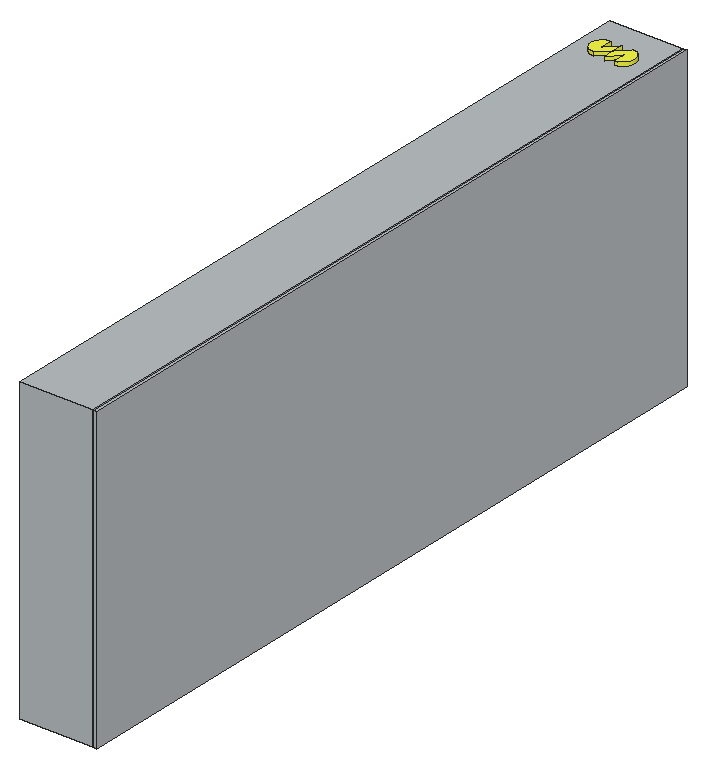
Revit family "NLRS_57_DUF_UN_instortkanaal-rechthoekig-einddeksel_LT_velu", category Duct Fittings, Revit 2020
Family settings
  Round Connector Dimension = Use Diameter
  Part Type = Cap
  Work Plane-Based = No
  Always vertical = Yes
  Cut with Voids When Loaded = No
  Shared = No
Parameters (values of type "VIK Einddeksel rechthoekig")
  VELU_c01_hoogte [instance] = if(NLRS_M_c01_hoogte > 70.00 mm, 80.00 mm, 70.00 mm)  # 80.00 mm
  VELU_c01_breedte [instance] = if(VELU_c01_hoogte = 70.00 mm, 170.00 mm, if(NLRS_M_c01_breedte > 220.00 mm, 250.00 mm, if(NLRS_M_c01_breedte > 200.00 mm, 220.00 mm, if(NLRS_M_c01_breedte > 170.00 mm, 200.00 mm, 170.00 mm))))  # 200.00 mm
  VELU_Werkendelengte [instance] = 0.00 mm  # constant formula
  VELU_Show_Warning [instance] = not(VELU_Correcte_Maatvoering)  # no
  VELU_Model [instance] = size_lookup(VELU_Article_Data, "Model", "Ongeldig", VELU_c01_breedte, VELU_c01_hoogte)  # "VIK Einddeksel 200 x 80"
  VELU_Koppelbus_Li1 [instance] = 20.00 mm  # constant formula
  VELU_Gewicht [instance] = size_lookup(VELU_Article_Data, "kg", 0, VELU_c01_breedte) * 1.00 kg / 100  # 0.10 kg
  VELU_Foutmelding [instance] = if(VELU_Show_Warning, "Ongeldige (instort) maatvoering!", " ")  # " "
  VELU_Correcte_Maatvoering [instance] = and(VELU_c01_breedte = NLRS_M_c01_breedte, VELU_c01_hoogte = NLRS_M_c01_hoogte)  # yes
  VELU_Bim-site = "https://velu.nl/bim/"
  VELU_Artikel_code [instance] = size_lookup(VELU_Article_Data, "", "Ongeldig", VELU_c01_breedte, VELU_c01_hoogte)  # "5110000048"
  VELU_Article_Data = "Deksel"  # constant formula
  built-in parameter 1114242 [instance] = 1 = 0  # (empty or 0)
  URL = "https://webshop.velu.nl/overige-woningbouw-componenten/"
  Type Comments = "Enkel geschikt voor VELU instort kanaal maten"  # constant formula
  NLRS_M_c01_hoogte [instance] = 80.00 mm
  NLRS_M_c01_breedte [instance] = 200.00 mm
  NLRS_C_model [instance] = VELU_Model  # "VIK Einddeksel 200 x 80"
  NLRS_C_description = Description  # "VELU instort kanaal: Rechthoekig einddeksel"
  NLRS_C_content_versie = "3.20.01"  # constant formula
  NLRS_C_content_provider = "Velu Klimaattechnische Groothandel"  # constant formula
  NLRS_C_content_datum_gewijzigd = "19-01-2023"  # constant formula
  NLRS_C_content_creator = "J. Feeke"  # constant formula
  Model = "VIK eindeksel rechthoekig"  # constant formula
  Manufacturer = "Velu Klimaattechnische Groothandel"  # constant formula
  Description = "VELU instort kanaal: Rechthoekig einddeksel"  # constant formula
  Default Elevation = 0.00 mm
  Assembly Code = "57.00"
Reference planes
  plane 1 "Center (Front/Back)": y = 0
  plane 2: z = 0
  plane 3 "Center (Left/Right)": x = 0
  plane 4: y = 100
  plane 5: y = -100
  plane 6: y = 101.5
  plane 7: y = -101.5
  plane 8: z = 40
  plane 9: z = -40
  plane 10: z = 41.5
  plane 11: z = -41.5
  plane 12 "Left": x = -20
  plane 13: z = 40
  plane 14: z = -40
  plane 15: z = 41.5
  plane 16: z = -41.5
  plane 17: y = -1000
Forms (mm)
  Extrusion 1, solid, material "VELU_Label", not visible
    sketch origin (-547.644, -297.937, 0) x (1, 0, 0) y (0, 1, 0)
      loop
        arc (546.644, 298.937) -> (545.644, 297.937) -> (546.644, 296.937) r 1
        line (546.644, 296.937) -> (546.644, 297.937) -> (547.644, 296.937) -> (547.644, 297.937) -> (546.644, 298.937)
    from 0 to 1
  Extrusion 2, solid, material "VELU_Label", not visible
    sketch origin (0, 0, 0) x (1, 0, 0) y (0, 1, 0)
      loop
        arc (1, -1) -> (2, 0) -> (1, 1) r 1
        line (1, 1) -> (1, 0) -> (0, 1) -> (0, 0) -> (1, -1)
    from 0 to 1
  Extrusion 3, solid, material "NLRS_57_sendzimir verzinkt_gen_sacs", detail levels medium+fine
    sketch origin (0, 0, 0) x (0, 1, 0) y (0, 0, 1)
      loop
        line (101.5, 41.5) -> (-101.5, 41.5) -> (-101.5, -41.5) -> (101.5, -41.5) -> (101.5, 41.5)
    from 0 to 1
  Sweep 4, solid, material "NLRS_57_sendzimir verzinkt_gen_sacs", detail levels medium+fine
    path in 3D
      loop
        line (0, 101.5, 41.5) -> (0, 101.5, -41.5) -> (0, -101.5, -41.5) -> (0, -101.5, 41.5) -> (0, 101.5, 41.5)
    profile "mof : mof" origin (0, 0, 41.5) x (-1, 0, 0) y (0, 0, 1)
      loop
        line (0, 0) -> (0, -1.5) -> (20, -1.5) -> (20, 0) -> (0, 0)
Lines and regions (mm)
  sketch lines
    curve 1: line (0, -101.5, 41.5) -> (0, 101.5, 41.5)
    curve 2: line (0, -101.5, -41.5) -> (0, -101.5, 41.5)
    curve 3: line (0, 101.5, -41.5) -> (0, -101.5, -41.5)
    curve 4: line (0, 101.5, 41.5) -> (0, 101.5, -41.5)
Dimensions and locks
  equal spacing: plane 4, plane 1 "Center (Front/Back)", plane 5
  "VELU_c01_breedte": plane 4 to plane 5
  locked: plane 6 to plane 4 at 1.5
  locked: plane 5 to plane 7 at 1.5
  "VELU_c01_hoogte": plane 8 to plane 9
  locked: plane 9 to plane 11 at 1.5
  locked: plane 10 to plane 8 at 1.5
  locked: plane 6 to nested 2 at 11.5
  locked: plane 12 "Left" to nested 2 at 10
  locked: plane 6 to nested 1 at 11.5
  locked: plane 12 "Left" to nested 1 at 10
  "VELU_c01_hoogte": plane 13 to plane 14
  locked: plane 14 to plane 16 at 1.5
  locked: plane 15 to plane 13 at 1.5
  locked: plane 17 to plane 1 "Center (Front/Back)" at 1000
  equal spacing: plane 13, level, plane 14
  equal spacing: plane 8, level, plane 9
  "VELU_Koppelbus_Li1": plane 12 "Left" to plane 3 "Center (Left/Right)"
  equal spacing: plane 12 "Left", nested 3, plane 3 "Center (Left/Right)"
  aligned and locked: level to plane 2
  aligned and locked: nested 1 to plane 10
  aligned and locked: plane 11 to nested 2
  aligned and locked: Extrusion 3 sketch curve to plane 15
  aligned and locked: Extrusion 3 sketch curve to plane 6
  aligned and locked: plane 16 to Extrusion 3 sketch curve
  aligned and locked: plane 7 to Extrusion 3 sketch curve
Automatic sketch dimensions
  plane 1 "Center (Front/Back)" to Extrusion 1 sketch curve = 0.00 mm  (x3)
  Extrusion 1 sketch curve to plane 3 "Center (Left/Right)" = 0.00 mm
  Extrusion 1 sketch curve to plane 3 "Center (Left/Right)" = 1.00 mm
  Extrusion 1 sketch curve to Extrusion 1 sketch curve = 1.00 mm  (x2)
  plane 1 "Center (Front/Back)" to Extrusion 2 sketch curve = 0.00 mm  (x3)
  Extrusion 2 sketch curve to plane 3 "Center (Left/Right)" = 0.00 mm
  plane 3 "Center (Left/Right)" to Extrusion 2 sketch curve = 1.00 mm
  Extrusion 2 sketch curve to Extrusion 2 sketch curve = 1.00 mm
  Extrusion 2 sketch curve to Extrusion 2 sketch curve = 0.00 mm
Nested families
  nested 1: "logo_single" at (-10, 90, 41.5) x (-1, 0, 0) z (0, 0, 1), type "logo_single", detail levels medium+fine
  nested 2: "logo_single" at (-10, 90, -42.5), type "logo_single", detail levels medium+fine
  nested 3: "Warning_R20" at (-10, 0, 0), visible <- "VELU_Show_Warning", type "Warning_R20"
Connectors
  hvac at (0, 0, 0), driven by "NLRS_M_c01_hoogte", driven by "NLRS_M_c01_breedte"
    settings: on Extrusion 3, index 1, duct flow 0.0 L/s, flow factor 0, pres drop 0.0 Pa, loss coef 0, conn angle 0.00°, conn width 200 mm, conn height 80 mm, conn diameter 609.6 mm, duct sys type 28, conn prof type 1, flow config 0, flow direction 0, loss method 0, conn ref index -1, conn util no, is conn primary yes, conn desc ""
Definition of nested family "logo_single"
  Parameters (values of type "logo_single")
    t = 3.00 mm
    Model = ""
    Description = ""
    Default Elevation = 0.00 mm
  Reference planes
    plane 1 "Center (Front/Back)": y = 0
    plane 2: z = 0
    plane 3 "Center (Left/Right)": x = 0
    plane 4: x = -6
    plane 5: y = -3
    plane 6: y = 3
    plane 7: x = -3
    plane 8: x = 3
    plane 9: x = 6
  Forms (mm)
    Extrusion 1, solid
      sketch origin (-547.644, -297.937, 0) x (1, 0, 0) y (0, 1, 0)
        loop
          arc (544.644, 300.937) -> (541.644, 297.937) -> (544.644, 294.937) r 3
          line (544.644, 294.937) -> (544.644, 297.937) -> (547.644, 294.937) -> (547.644, 297.937) -> (544.644, 300.937)
      from 0 to 1
    Extrusion 2, solid
      sketch origin (0, 0, 0) x (1, 0, 0) y (0, 1, 0)
        loop
          arc (3, -3) -> (6, 0) -> (3, 3) r 3
          line (3, 3) -> (3, 0) -> (0, 3) -> (0, 0) -> (3, -3)
      from 0 to 1
  Dimensions and locks
    "t": plane 6 to plane 1 "Center (Front/Back)"
    "t": plane 5 to plane 1 "Center (Front/Back)"
    "t": plane 4 to plane 7
    "t": plane 7 to plane 3 "Center (Left/Right)"
    "t": plane 3 "Center (Left/Right)" to plane 8
    "t": plane 8 to plane 9
    aligned and locked: level to plane 2
  Automatic sketch dimensions
    plane 1 "Center (Front/Back)" to Extrusion 1 sketch curve = 0.00 mm  (x3)
    Extrusion 1 sketch curve to plane 7 = 0.00 mm
    Extrusion 1 sketch curve to plane 6 = 0.00 mm
    Extrusion 1 sketch curve to plane 3 "Center (Left/Right)" = 0.00 mm
    Extrusion 1 sketch curve to plane 5 = 0.00 mm
    Extrusion 2 sketch curve to plane 3 "Center (Left/Right)" = 0.00 mm
    plane 1 "Center (Front/Back)" to Extrusion 2 sketch curve = 0.00 mm  (x3)
    Extrusion 2 sketch curve to plane 5 = 0.00 mm
    Extrusion 2 sketch curve to plane 8 = 0.00 mm
    Extrusion 2 sketch curve to plane 6 = 0.00 mm
Definition of nested family "Warning_R20"
  Parameters (values of type "Warning_R20")
    TW = 51.60 mm * Scale  # 51.60 mm
    TH = 75.00 mm * Scale  # 75.00 mm
    Scale = 1
    CO = 50.00 mm * Scale  # 50.00 mm
    CD = 50.00 mm * Scale  # 50.00 mm
    BW = 40.00 mm * Scale  # 40.00 mm
    BH = 12.00 mm * Scale  # 12.00 mm
  Reference planes
    plane 1 "Center (Front/Back)": y = 0
    plane 2: z = 0
    plane 3 "Center (Left/Right)": x = 0
  Lines and regions (mm)
    Filled region 1, type "Solid Fill - Black", in view "Ref. Level"
      outline origin (0, 0, 0) x (1, 0, 0) y (0, 1, 0)
        loop
          line (-25.8, 75) -> (-20, -12) -> (20, -12) -> (25.8, 75) -> (-25.8, 75)
        loop
          circle (0, -50) r 25
  Dimensions and locks
    equal spacing: Filled region 1 sketch curve, plane 3 "Center (Left/Right)", Filled region 1 sketch curve  (x2)
    "TH": plane 1 "Center (Front/Back)" to Filled region 1 sketch curve
    "BH": Filled region 1 sketch curve to plane 1 "Center (Front/Back)"
    "CO": Filled region 1 sketch curve to plane 1 "Center (Front/Back)"
    "TW": Filled region 1 sketch curve to Filled region 1 sketch curve
    "BW": Filled region 1 sketch curve to Filled region 1 sketch curve
    "CD": diameter of Filled region 1 sketch curve
    aligned and locked: plane 3 "Center (Left/Right)" to Filled region 1 sketch curve
